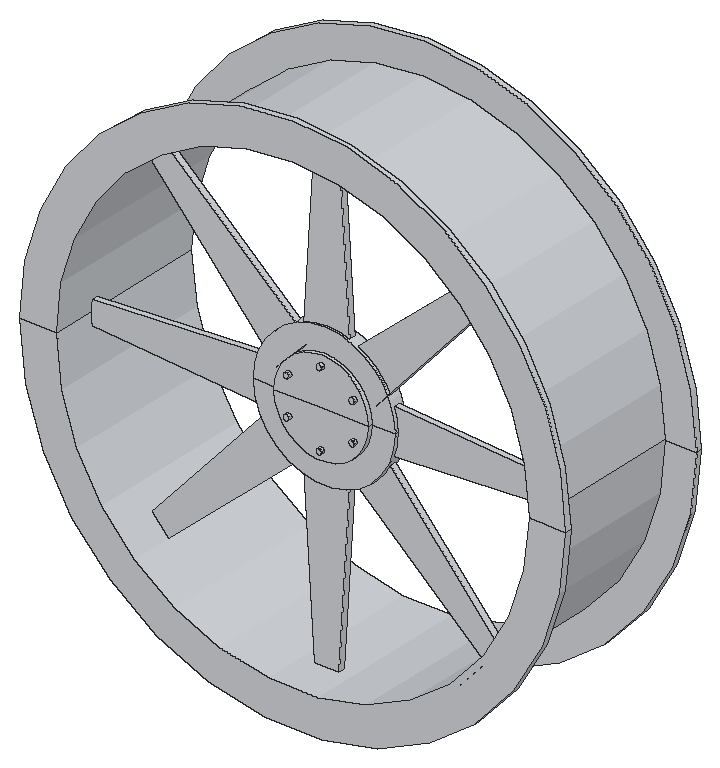
Revit family "CADS_Vent-Axia_MechEquip_Fan_VSC_SabreSickleShortCased_3Ph6P - EXTRACT", category Mechanical Equipment, Revit 2020
Family settings
  Round Connector Dimension = Use Diameter
  Part Type = Normal
  OmniClass Number = 23.75.00.00
  OmniClass Title = Climate Control (HVAC)
  Work Plane-Based = No
  Always vertical = Yes
  Cut with Voids When Loaded = No
  Shared = No
  Room Calculation Point = No
Parameters (values of type "VSC45036")
  WorkingPressure = 0.0 Pa
  WarrantyStartDate [instance] = "1900-12-31T23:59:59"
  WarrantyPeriod = ""
  WarrantyIdentifier = "N/A"
  WarrantyGuarantorParts = "tech@vent-axia.com"
  WarrantyGuarantorLabor = "tech@vent-axia.com"
  WarrantyGuarantor = "Vent-Axia Limited"
  WarrantyEndDate [instance] = "1900-12-31T23:59:59"
  WarrantyContent = ""
  TemperatureRange = ""
  TagNumber [instance] = "N/A"
  SustainabilityPerformance = ""
  Status = "New"
  Size = ""
  Shape = ""
  ServiceLifeType = ""
  ServiceLifeDuration = ""
  SerialNumber [instance] = "N/A"
  ReplacementCost = ""
  RatedVoltage = 0 V
  RatedCurrent = 0 A
  Quantity = 1
  ProductionYear = ""
  PressureCurve = ""
  PowerFactor = ""
  PointOfContact = ""
  NumberOfPoles = 0
  NominalWidth = 450 mm
  NominalLength = 160 mm
  NominalHeight = 450 mm
  NominalFrequencyRange = ""
  NominalDiameter = 450 mm
  ModelReference = "SHORT CASE SICKLE FAN 450DIA 3PH 6 POLE"
  ModelNumber = "VSC45036"
  Material = ""
  ManufacturerE-Mail = "tech@vent-axia.com"
  ManufacturerAddress = "Fleming Way\nCrawley \nRH10 9YX"
  IsExtendedWarranty = no
  InsulationStandardClass = ""
  InstallationDate [instance] = "1900-12-31T23:59:59"
  IfcExportType [instance] = ""
  IfcExportAs = "IfcFanType"
  IP_Code = ""
  HasProtectiveEarth = no
  GrossWeight = 0.00 kg
  Grade = ""
  GlobalTradeItemNumber [instance] = "N/A"
  Fitting Type = "Ignore"
  Finish = ""
  Features = ""
  ExteriorInsulation = no
  ExpectedServiceLife = 0
  Exclusions = ""
  DurationUnit = "Year"
  Default Elevation = 0 mm
  Constituents = ""
  ConductorFunction = ""
  Color = ""
  CodePerformance = ""
  Category = ""
  CADS_Usage = 0
  CADS_Index = 0
  AssetType = "FIXED"
  AssetIdentifier [instance] = "N/A"
  AssemblyPlace = "UNKNOWN"
  ArticleNumber [instance] = "N/A"
  AirflowRateRange = 0.0 L/s
  Air Flow [instance] = 0.0 L/s
  AccessibilityPerformance = ""
Types (5, lengths in mm): name | NominalWidth | NominalLength | NominalHeight | NominalDiameter | ModelReference | ModelNumber
  VSC45036 | 450 | 160 | 450 | 450 | "SHORT CASE SICKLE FAN 450DIA 3PH 6 POLE" | "VSC45036"
  VSC50036 | 500 | 166 | 500 | 500 | "SHORT CASE SICKLE FAN 500DIA 3PH 6 POLE" | "VSC50036"
  VSC56036 | 560 | 210 | 560 | 560 | "SHORT CASE SICKLE FAN 560DIA 3PH 6 POLE" | "VSC56036"
  VSC63036B | 630 | 225.5 | 630 | 630 | "630MM 3PH 6P CASED FAN" | "VSC63036B"
  VSC71036A | 710 | 260 | 710 | 710 | "OWLET SICKLE CASE FAN 710DIA 3PH 6 POLE" | "VSC71036A"
Reference planes
  plane 1 "Center (Front/Back)": y = 0
  plane 2: z = 0
  plane 3 "Center (Left/Right)": x = 0
  plane 4: x = -225
  plane 5: x = 225
  plane 6 "F": y = -80
  plane 7 "B": y = 80
  plane 8: x = -260
  plane 9: y = 75
  plane 10: y = -75
  plane 11: x = -230
  plane 12: y = -40
  plane 13 "top": z = 225
  plane 14: z = -225
Forms (mm)
  Revolve 1, solid
    sketch origin (0, 0, 0) x (1, 0, 0) y (0, 1, 0)
      loop
        line (-260, -80) -> (-225, -80) -> (-225, 80) -> (-260, 80) -> (-260, 75) -> (-230, 75) -> (-230, -75) -> (-260, -75) -> (-260, -80)
      axis (0, 80) -> (0, -80)
    angle from 0 to 360
Dimensions and locks
  equal spacing: plane 4, plane 3 "Center (Left/Right)", plane 5
  equal spacing: plane 7 "B", plane 1 "Center (Front/Back)", plane 6 "F"
  "NominalLength": plane 7 "B" to plane 6 "F"
  "NominalDiameter": plane 4 to plane 5
  locked: plane 11 to plane 4 at 5
  locked: plane 8 to plane 11 at 30
  locked: plane 6 "F" to plane 10 at 5
  locked: plane 7 "B" to plane 9 at 5
  locked: plane 6 "F" to plane 12 at 40
  equal spacing: plane 13 "top", level, plane 14
  "NominalDiameter": plane 13 "top" to plane 14
  aligned and locked: level to plane 2
  aligned and locked: nested 1 to plane 12
Automatic sketch dimensions
  plane 6 "F" to Revolve 1 sketch curve = 0 mm
  Revolve 1 sketch curve to plane 8 = 0 mm  (x2)
  plane 10 to Revolve 1 sketch curve = 0 mm
  Revolve 1 sketch curve to plane 11 = 0 mm
  Revolve 1 sketch curve to plane 4 = 0 mm
  Revolve 1 sketch curve to plane 3 "Center (Left/Right)" = 0 mm
  plane 1 "Center (Front/Back)" to Revolve 1 sketch curve = 0 mm
  Revolve 1 sketch curve to plane 9 = 0 mm
  Revolve 1 sketch curve to plane 7 "B" = 0 mm
  plane 6 "F" to Revolve 1 sketch curve = 115 mm
Nested families
  nested 1: "Fan for ESC" at (0, -40, 0), ND <- "NominalDiameter", type "Fan for ESC"
    with hub 45 mm, ND 450 mm, BoltPCD 36 mm, Bolt Count 6, B_Diam 5 mm
  nested 2: "Bolts" at (31.177, -49.172, -18) x (-0.5, 0, -0.866) z (0, 1, 0), type "Bolts"
    with bd 5 mm
  nested 3: "Bolts" at (0, -49.172, -36) x (-1, 0, 0) z (0, 1, 0), type "Bolts"
    with bd 5 mm
  nested 4: "Bolts" at (-31.177, -49.172, -18) x (-0.5, 0, 0.866) z (0, 1, 0), type "Bolts"
    with bd 5 mm
  nested 5: "Bolts" at (-31.177, -49.172, 18) x (0.5, 0, 0.866) z (0, 1, 0), type "Bolts"
    with bd 5 mm
  nested 6: "Bolts" at (31.177, -49.172, 18) x (0.5, 0, -0.866) z (0, 1, 0), type "Bolts"
    with bd 5 mm
  nested 7: "Bolts" at (0, -49.172, 36) x (1, 0, 0) z (0, 1, 0), type "Bolts"
    with bd 5 mm
  nested 8: "ESC Blade" at (0, -40, 0), type "ESC Blade"
    with a 20.00°, HR 45 mm, HD 90 mm, BT 22.5 mm, BR 180 mm, BH 40 mm, BD 450 mm, BB 45 mm
  nested 9: "ESC Blade" at (0, -40, 0) x (0.7071, 0, -0.7071) z (0.7071, 0, 0.7071), type "ESC Blade"
    with a 20.00°, HR 45 mm, HD 90 mm, BT 22.5 mm, BR 180 mm, BH 40 mm, BD 450 mm, BB 45 mm
  nested 10: "ESC Blade" at (0, -40, 0) x (0, 0, -1) z (1, 0, 0), type "ESC Blade"
    with a 20.00°, HR 45 mm, HD 90 mm, BT 22.5 mm, BR 180 mm, BH 40 mm, BD 450 mm, BB 45 mm
  nested 11: "ESC Blade" at (0, -40, 0) x (-0.7071, 0, -0.7071) z (0.7071, 0, -0.7071), type "ESC Blade"
    with a 20.00°, HR 45 mm, HD 90 mm, BT 22.5 mm, BR 180 mm, BH 40 mm, BD 450 mm, BB 45 mm
  nested 12: "ESC Blade" at (0, -40, 0) x (-1, 0, 0) z (0, 0, -1), type "ESC Blade"
    with a 20.00°, HR 45 mm, HD 90 mm, BT 22.5 mm, BR 180 mm, BH 40 mm, BD 450 mm, BB 45 mm
  nested 13: "ESC Blade" at (0, -40, 0) x (-0.7071, 0, -0.7071) z (-0.7071, 0, 0.7071), type "ESC Blade"
    with a 20.00°, HR 45 mm, HD 90 mm, BT 22.5 mm, BR 180 mm, BH 40 mm, BD 450 mm, BB 45 mm
  nested 14: "ESC Blade" at (0, -40, 0) x (0, 0, -1) z (-1, 0, 0), type "ESC Blade"
    with a 20.00°, HR 45 mm, HD 90 mm, BT 22.5 mm, BR 180 mm, BH 40 mm, BD 450 mm, BB 45 mm
  nested 15: "ESC Blade" at (0, -40, 0) x (0.7071, 0, -0.7071) z (-0.7071, 0, -0.7071), type "ESC Blade"
    with a 20.00°, HR 45 mm, HD 90 mm, BT 22.5 mm, BR 180 mm, BH 40 mm, BD 450 mm, BB 45 mm
Connectors
  hvac at (0, -80, 0), driven by "NominalDiameter", driven by "Air Flow"
    settings: on Revolve 1, index 1, duct flow 0.0 L/s, flow factor 0, pres drop 0.0 Pa, loss coef 0, conn angle 0.00°, conn width 304.8 mm, conn height 304.8 mm, conn diameter 450 mm, duct sys type 2, conn prof type 0, flow config 0, flow direction 1, loss method 0, conn ref index -1, conn util no, is conn primary yes, conn desc ""
  hvac at (0, 80, 0), driven by "NominalDiameter", driven by "Air Flow"
    settings: on Revolve 1, index 2, duct flow 0.0 L/s, flow factor 0, pres drop 0.0 Pa, loss coef 0, conn angle 0.00°, conn width 304.8 mm, conn height 304.8 mm, conn diameter 450 mm, duct sys type 3, conn prof type 0, flow config 1, flow direction 2, loss method 0, conn ref index -1, conn util no, is conn primary no, conn desc ""
Definition of nested family "Fan for ESC"
  Parameters (values of type "Fan for ESC")
    hub [instance] = ND / 10  # 56.7 mm
    ND [instance] = 567 mm
    Model = "."
    Default Elevation = 0 mm
    BoltPCD [instance] = hub - (hub * 0.2)  # 45.36 mm
    Bolt Count [instance] = if(hub < 50 mm, 6, 8)  # 8
    B_Diam [instance] = if(hub < 50 mm, 5 mm, 10 mm)  # 10 mm
  Reference planes
    plane 1 "Center (Front/Back)": y = 0
    plane 2: z = 0
    plane 3 "Center (Left/Right)": x = 0
    plane 4 "back": y = 20
    plane 5 "bolts": y = -9.172
    plane 6 "B": z = 56.7
    plane 7: x = -79.287
    plane 8: x = -56.7
    plane 9 "hubface": y = -6.172
  Forms (mm)
    Revolve 1, solid
      sketch origin (0, 0, 0) x (1, 0, 0) y (0, 1, 0)
        loop
          line (0, 20) -> (-56.7, 20) -> (-56.7, 10.504) -> (-79.287, 10.504) -> (-79.287, -2.597) -> (-56.7, -2.597) -> (-56.7, -6.172) -> (0, -6.172) -> (0, 20)
        axis (0, 20) -> (0, -6.172)
      angle from 0 to 360
    Extrusion 2, solid, not visible
      sketch origin (0, -6.347, -4) x (-1, 0, 0) y (0, 0, 1)
        loop
          circle (0, 84) r 5
      from 0 to 3
  Lines and regions (mm)
    symbolic lines
      curve 1: circle (0, -9.172, 0) r 45.36 normal (0, 1, 0)
    model lines, not visible
      curve 2: line (0, -6.347, 85) -> (0, -6.347, 75)
  Dimensions and locks
    "hub": plane 6 "B" to plane 2
    "hub": nested 3 to plane 3 "Center (Left/Right)"
    "hub": nested 4 to plane 3 "Center (Left/Right)"
    "hub": nested 5 to plane 3 "Center (Left/Right)"
    "hub": plane 3 "Center (Left/Right)" to nested 6
    "hub": Revolve 1 sketch curve to Revolve 1 sketch curve
    "hub": plane 3 "Center (Left/Right)" to nested 7
    "hub": plane 3 "Center (Left/Right)" to nested 8
    "hub": plane 3 "Center (Left/Right)" to nested 9
    "hub": plane 8 to plane 3 "Center (Left/Right)"
    plane 7 to plane 8 = 22.587 mm
    diameter of Extrusion 2 sketch curve = 10 mm
    "BoltPCD": radius of curve 1
    "BoltPCD": radius of radial array
    aligned and locked: level to plane 2
    aligned and locked: plane 6 "B" to nested 1
  Automatic sketch dimensions
    Revolve 1 sketch curve to plane 7 = 0 mm
    Revolve 1 sketch curve to plane 8 = 0 mm  (x2)
    Revolve 1 sketch curve to plane 3 "Center (Left/Right)" = 0 mm
    Revolve 1 sketch curve to plane 9 "hubface" = 0 mm
    plane 4 "back" to Revolve 1 sketch curve = 0 mm
    plane 1 "Center (Front/Back)" to Revolve 1 sketch curve = 2.597 mm
    plane 4 "back" to Revolve 1 sketch curve = 9.496 mm
    Revolve 1 sketch curve to Revolve 1 sketch curve = 5 mm
    Revolve 1 sketch curve to plane 4 "back" = 45 mm
    curve 1 to level = 0 mm
    curve 1 to plane 3 "Center (Left/Right)" = 0 mm
  Nested families
    nested 1: "ESC Blade" at (0, 0, 0), BD <- "ND", HD <- "hub", type "ESC Blade"
      with a 20.00°, HR 56.7 mm, HD 113.4 mm, BT 28.35 mm, BR 226.8 mm, BH 40 mm, BD 567 mm, BB 56.7 mm
    nested 2: "ESC Blade" at (0, 0, 755), BD <- "ND", HD <- "hub", type "ESC Blade", not visible
      with a 20.00°, HR 56.7 mm, HD 113.4 mm, BT 28.35 mm, BR 226.8 mm, BH 40 mm, BD 567 mm, BB 56.7 mm
    nested 3: "ESC Blade" at (0, 0, 0) x (0.7071, 0, -0.7071) z (0.7071, 0, 0.7071), BD <- "ND", HD <- "hub", type "ESC Blade"
      with a 20.00°, HR 56.7 mm, HD 113.4 mm, BT 28.35 mm, BR 226.8 mm, BH 40 mm, BD 567 mm, BB 56.7 mm
    nested 4: "ESC Blade" at (0, 0, 0) x (0, 0, -1) z (1, 0, 0), BD <- "ND", HD <- "hub", type "ESC Blade"
      with a 20.00°, HR 56.7 mm, HD 113.4 mm, BT 28.35 mm, BR 226.8 mm, BH 40 mm, BD 567 mm, BB 56.7 mm
    nested 5: "ESC Blade" at (0, 0, 0) x (-0.7071, 0, -0.7071) z (0.7071, 0, -0.7071), BD <- "ND", HD <- "hub", type "ESC Blade"
      with a 20.00°, HR 56.7 mm, HD 113.4 mm, BT 28.35 mm, BR 226.8 mm, BH 40 mm, BD 567 mm, BB 56.7 mm
    nested 6: "ESC Blade" at (0, 0, 0) x (-1, 0, 0) z (0, 0, -1), BD <- "ND", HD <- "hub", type "ESC Blade"
      with a 20.00°, HR 56.7 mm, HD 113.4 mm, BT 28.35 mm, BR 226.8 mm, BH 40 mm, BD 567 mm, BB 56.7 mm
    nested 7: "ESC Blade" at (0, 0, 0) x (-0.7071, 0, -0.7071) z (-0.7071, 0, 0.7071), BD <- "ND", HD <- "hub", type "ESC Blade"
      with a 20.00°, HR 56.7 mm, HD 113.4 mm, BT 28.35 mm, BR 226.8 mm, BH 40 mm, BD 567 mm, BB 56.7 mm
    nested 8: "ESC Blade" at (0, 0, 0) x (0, 0, -1) z (-1, 0, 0), BD <- "ND", HD <- "hub", type "ESC Blade"
      with a 20.00°, HR 56.7 mm, HD 113.4 mm, BT 28.35 mm, BR 226.8 mm, BH 40 mm, BD 567 mm, BB 56.7 mm
    nested 9: "ESC Blade" at (0, 0, 0) x (0.7071, 0, -0.7071) z (-0.7071, 0, -0.7071), BD <- "ND", HD <- "hub", type "ESC Blade"
      with a 20.00°, HR 56.7 mm, HD 113.4 mm, BT 28.35 mm, BR 226.8 mm, BH 40 mm, BD 567 mm, BB 56.7 mm
    nested 10: "Bolts" at (0, -9.172, 45.36) x (1, 0, 0) z (0, 1, 0), bd <- "B_Diam", type "Bolts"
      with bd 10 mm
    nested 11: "Bolts" at (32.074, -9.172, 32.074) x (0.7071, 0, -0.7071) z (0, 1, 0), bd <- "B_Diam", type "Bolts"
      with bd 10 mm
    nested 12: "Bolts" at (-32.074, -9.172, 32.074) x (0.7071, 0, 0.7071) z (0, 1, 0), bd <- "B_Diam", type "Bolts"
      with bd 10 mm
    nested 13: "Bolts" at (-45.36, -9.172, 0) x (0, 0, 1) z (0, 1, 0), bd <- "B_Diam", type "Bolts"
      with bd 10 mm
    nested 14: "Bolts" at (-32.074, -9.172, -32.074) x (-0.7071, 0, 0.7071) z (0, 1, 0), bd <- "B_Diam", type "Bolts"
      with bd 10 mm
    nested 15: "Bolts" at (0, -9.172, -45.36) x (-1, 0, 0) z (0, 1, 0), bd <- "B_Diam", type "Bolts"
      with bd 10 mm
    nested 16: "Bolts" at (32.074, -9.172, -32.074) x (-0.7071, 0, -0.7071) z (0, 1, 0), bd <- "B_Diam", type "Bolts"
      with bd 10 mm
    nested 17: "Bolts" at (45.36, -9.172, 0) x (0, 0, -1) z (0, 1, 0), bd <- "B_Diam", type "Bolts"
      with bd 10 mm
  Definition of nested family "ESC Blade"
    Parameters (values of type "ESC Blade")
      a [instance] = 20.00°
      HR [instance] = HD / 2  # 30 mm
      HD [instance] = BD / 5  # 60 mm
      Default Elevation = 1219.2 mm
      BT [instance] = BD / 20  # 15 mm
      BR [instance] = (BD / 2) - HR  # 120 mm
      BH [instance] = 40 mm
      BD [instance] = 300 mm
      BB [instance] = BD / 10  # 30 mm
    Reference planes
      plane 1 "Center (Front/Back)": y = 0
      plane 2: z = 0
      plane 3 "Center (Left/Right)": x = 0
      plane 4 "Blade Bot": z = 30
      plane 5: x = -15
      plane 6: x = 15
      plane 7: x = -7.5
      plane 8: x = 7.5
    Forms (mm)
      Blend 1, solid
        base sketch origin (0, 0, 30) x (-1, 0, 0) y (0, -1, 0)
          loop
            line (15, 0) -> (-15, 0) -> (-15, -6) -> (15, -6) -> (15, 0)
        top sketch origin (0, 0, 30) x (-1, 0, 0) y (0, -1, 0)
          loop
            line (7.5, -6) -> (7.5, 0) -> (-7.5, 0) -> (-7.5, -6) -> (7.5, -6)
        from 0 to 120 <- "BR"
    Dimensions and locks
      "HR": plane 4 "Blade Bot" to level
      equal spacing: plane 8, plane 3 "Center (Left/Right)", plane 7
      "BT": plane 8 to plane 7
      equal spacing: plane 6, plane 3 "Center (Left/Right)", plane 5
      "BB": plane 6 to plane 5
      aligned and locked: level to plane 2
    Automatic sketch dimensions
      plane 1 "Center (Front/Back)" to Blend 1 sketch curve = 0 mm  (x2)
      Blend 1 sketch curve to plane 6 = 0 mm
      Blend 1 sketch curve to plane 5 = 0 mm
      Blend 1 sketch curve to plane 1 "Center (Front/Back)" = 6 mm  (x2)
      Blend 1 sketch curve to plane 8 = 0 mm
      Blend 1 sketch curve to plane 7 = 0 mm
  Definition of nested family "Bolts"
    Parameters
      bd [instance] = 10 mm
      Default Elevation = 1219.2 mm
    Reference planes
      plane 1 "Center (Front/Back)": y = 0
      plane 2: z = 0
      plane 3 "Center (Left/Right)": x = 0
    Forms (mm)
      Extrusion 1, solid
        sketch origin (0, 0, 0) x (1, 0, 0) y (0, 1, 0)
          loop
            line (-1219.2, 1219.2) -> (-1219.2, -1219.2) -> (1219.2, -1219.2) -> (1219.2, 1219.2) -> (-1219.2, 1219.2)
        from 0 to -304.8
      Extrusion 2, solid
        sketch origin (0, 0, 0) x (1, 0, 0) y (0, 1, 0)
          loop
            circle (0, 0) r 5
        from 0 to 3
    Dimensions and locks
      "bd": diameter of Extrusion 2 sketch curve
      aligned and locked: plane 2 to Extrusion 1
      aligned and locked: level to Extrusion 1
    Automatic sketch dimensions
      Extrusion 1 sketch curve to Extrusion 1 sketch curve = 2438.4 mm  (x2)
      plane 1 "Center (Front/Back)" to Extrusion 2 sketch curve = 0 mm
      Extrusion 2 sketch curve to plane 3 "Center (Left/Right)" = 0 mm
Definition of nested family "Bolts"
  Parameters
    bd [instance] = 10 mm
    Default Elevation = 1219.2 mm
  Reference planes
    plane 1 "Center (Front/Back)": y = 0
    plane 2: z = 0
    plane 3 "Center (Left/Right)": x = 0
  Forms (mm)
    Extrusion 1, solid
      sketch origin (0, 0, 0) x (1, 0, 0) y (0, 1, 0)
        loop
          line (-1219.2, 1219.2) -> (-1219.2, -1219.2) -> (1219.2, -1219.2) -> (1219.2, 1219.2) -> (-1219.2, 1219.2)
      from 0 to -304.8
    Extrusion 2, solid
      sketch origin (0, 0, 0) x (1, 0, 0) y (0, 1, 0)
        loop
          circle (0, 0) r 5
      from 0 to 3
  Dimensions and locks
    "bd": diameter of Extrusion 2 sketch curve
    aligned and locked: plane 2 to Extrusion 1
    aligned and locked: level to Extrusion 1
  Automatic sketch dimensions
    Extrusion 1 sketch curve to Extrusion 1 sketch curve = 2438.4 mm  (x2)
    plane 1 "Center (Front/Back)" to Extrusion 2 sketch curve = 0 mm
    Extrusion 2 sketch curve to plane 3 "Center (Left/Right)" = 0 mm
Definition of nested family "ESC Blade"
  Parameters (values of type "ESC Blade")
    a [instance] = 20.00°
    HR [instance] = HD / 2  # 30 mm
    HD [instance] = BD / 5  # 60 mm
    Default Elevation = 1219.2 mm
    BT [instance] = BD / 20  # 15 mm
    BR [instance] = (BD / 2) - HR  # 120 mm
    BH [instance] = 40 mm
    BD [instance] = 300 mm
    BB [instance] = BD / 10  # 30 mm
  Reference planes
    plane 1 "Center (Front/Back)": y = 0
    plane 2: z = 0
    plane 3 "Center (Left/Right)": x = 0
    plane 4 "Blade Bot": z = 30
    plane 5: x = -15
    plane 6: x = 15
    plane 7: x = -7.5
    plane 8: x = 7.5
  Forms (mm)
    Blend 1, solid
      base sketch origin (0, 0, 30) x (-1, 0, 0) y (0, -1, 0)
        loop
          line (15, 0) -> (-15, 0) -> (-15, -6) -> (15, -6) -> (15, 0)
      top sketch origin (0, 0, 30) x (-1, 0, 0) y (0, -1, 0)
        loop
          line (7.5, -6) -> (7.5, 0) -> (-7.5, 0) -> (-7.5, -6) -> (7.5, -6)
      from 0 to 120 <- "BR"
  Dimensions and locks
    "HR": plane 4 "Blade Bot" to level
    equal spacing: plane 8, plane 3 "Center (Left/Right)", plane 7
    "BT": plane 8 to plane 7
    equal spacing: plane 6, plane 3 "Center (Left/Right)", plane 5
    "BB": plane 6 to plane 5
    aligned and locked: level to plane 2
  Automatic sketch dimensions
    plane 1 "Center (Front/Back)" to Blend 1 sketch curve = 0 mm  (x2)
    Blend 1 sketch curve to plane 6 = 0 mm
    Blend 1 sketch curve to plane 5 = 0 mm
    Blend 1 sketch curve to plane 1 "Center (Front/Back)" = 6 mm  (x2)
    Blend 1 sketch curve to plane 8 = 0 mm
    Blend 1 sketch curve to plane 7 = 0 mm
